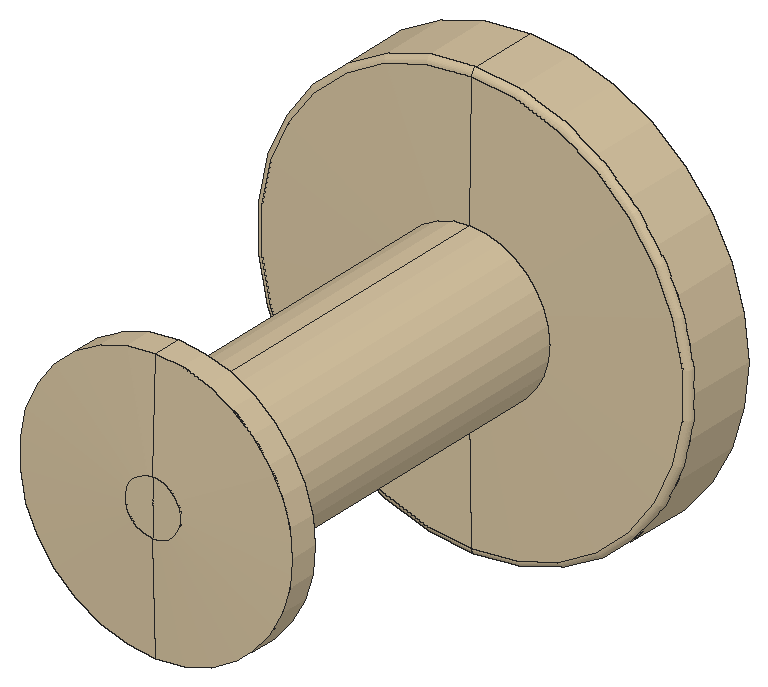
Revit family "Reece_Accessory_Roca_Ona_Robe Hook", category Plumbing Fixtures, host Face, Revit 2018
Family settings
  Host = Face
  Round Connector Dimension = Use Diameter
  Part Type = Normal
  Cut with Voids When Loaded = Yes
  Shared = Yes
  Room Calculation Point = Yes
Parameters (values of type "Brushed Brass")
  URL = "https://www.reece.com.au/product/-15051"
  Type Comments = "Accessory"
  Reece_Product_Web Page = "https://www.reece.com.au/product/-15051"
  Reece_Product_Type = "Accessory"  # constant formula
  Reece_Product_Sub Brand = "Ona"  # constant formula
  Reece_Product_Number = "15051"
  Reece_Product_Mount = "Wall Mounted"  # constant formula
  Reece_Product_Description = "Roca Ona Robe Hook Brushed Brass"
  Reece_Product_Brand = "Roca"  # constant formula
  Reece_Overall_Projection = 59.5 mm  # constant formula
  Reece_Overall_Diameter = 55.0 mm  # constant formula
  Reece_Material_Main = Reece_Brass_Brushed
  Reece_Height_From_Level [instance] = 1600.0 mm
  Reece_Fixing_Limit [instance] = if(Reece_Height_From_Level < 20.0 mm, 20.0 mm, if(Reece_Height_From_Level > 20.0 mm, Reece_Height_From_Level, Reece_Height_From_Level))  # 1600.0 mm
  Reece_Detail_Shape = ""
  Reece_Detail_Installation = ""
  Reece_Detail_Disclaimer = "THIS FILE IS THE PROPERTY OF THE REECE GROUP. IT MAY NOT BE REPRODUCED, REVERSE-ENGINEERED, OR MODIFIED. ANY REPUBLICATION, TRANSMISSION, OR DISTRIBUTION FOR THE PURPOSE OF COMMERCIALLY EXPLOITING THE FILES IS PROHIBITED."  # constant formula
  Reece_Detail_Additional = "Robe Hook"  # constant formula
  Model = "Ona"
  Manufacturer = "Roca"
  Keynote = "Product #15051, Reece_Accessory_Roca_Ona_Robe Hook - Brushed Brass"
  Disclaimer = "THIS FILE IS THE PROPERTY OF THE REECE GROUP. IT MAY NOT BE REPRODUCED, REVERSE-ENGINEERED, OR MODIFIED. ANY REPUBLICATION, TRANSMISSION, OR DISTRIBUTION FOR THE PURPOSE OF COMMERCIALLY EXPLOITING THE FILES IS PROHIBITED."  # constant formula
  Description = "Roca Ona Robe Hook Brushed Brass"
  Default Elevation = 0.0 mm
Types (6, lengths in mm): name | URL | Reece_Product_Web Page | Reece_Product_Number | Reece_Product_Description | Reece_Material_Main | Keynote | Description
  (no name) | "https://www.reece.com.au/product/-15047" | "https://www.reece.com.au/product/-15047" | "15047" | "Roca Ona Robe Hook Chrome" | Reece_Brass_Chrome | "Product #15047, Reece_Accessory_Roca_Ona_Robe Hook -  " | "Roca Ona Robe Hook Chrome"
  Matte Black | "https://www.reece.com.au/product/-15048" | "https://www.reece.com.au/product/-15048" | "15048" | "Roca Ona Robe Hook Matte Black" | Reece_Brass_Matte Black | "Product #15048, Reece_Accessory_Roca_Ona_Robe Hook - Matte Black" | "Roca Ona Robe Hook Matte Black"
  Brushed Nickel | "https://www.reece.com.au/product/-15050" | "https://www.reece.com.au/product/-15050" | "15050" | "Roca Ona Robe Hook Brushed Nickel" | Reece_Brass_Brushed Nickel | "Product #15050, Reece_Accessory_Roca_Ona_Robe Hook - Brushed Nickel" | "Roca Ona Robe Hook Brushed Nickel"
  Brushed Brass | "https://www.reece.com.au/product/-15051" | "https://www.reece.com.au/product/-15051" | "15051" | "Roca Ona Robe Hook Brushed Brass" | Reece_Brass_Brushed | "Product #15051, Reece_Accessory_Roca_Ona_Robe Hook - Brushed Brass" | "Roca Ona Robe Hook Brushed Brass"
  Chrome | "https://www.reece.com.au/product/-15047" | "https://www.reece.com.au/product/-15047" | "15047" | "Roca Ona Robe Hook Chrome" | Reece_Brass_Chrome | "Product #15047, Reece_Accessory_Roca_Ona_Robe Hook - Chrome" | "Roca Ona Robe Hook Chrome"
  Matte White | "https://www.reece.com.au/product/-15049" | "https://www.reece.com.au/product/-15049" | "15049" | "Roca Ona Robe Hook Matte White" | Reece_Brass_Brushed Matte White | "Product #15049, Reece_Accessory_Roca_Ona_Robe Hook - Matte White" | "Roca Ona Robe Hook Matte White"
Reference planes
  plane 1 "Center (Front/Back)": y = 0
  plane 2: z = -5
  plane 3 "Center (Left/Right)": x = 0
  plane 4 "Ref": z = 1600
  plane 5: x = -27.5
  plane 6: x = 27.5
  plane 7: y = -59.5
Forms (mm)
  Revolve 1, void
    sketch origin (0, -14.5, 0) x (0, 1, 0) y (0, 0, 1)
      loop
        line (-7.5, 1588.971) -> (-4.5, 1588.971) -> (-4.5, 1591.15)
        arc (-4.5, 1591.15) -> (-5.982, 1590.806) -> (-7.5, 1590.69) r 10.021
        line (-7.5, 1590.69) -> (-7.5, 1588.971)
      axis (-7.5, 1591.15) -> (-7.5, 1588.971)
    angle from 0 to 360
  Extrusion 2, void
    sketch origin (-0.5, -14.5, 1600) x (-1, 0, 0) y (0, -1, 0)
      loop
        line (-0.5, 8.924) -> (-1.733, 8.212) -> (-1.733, 6.788) -> (-0.5, 6.076) -> (0.733, 6.788) -> (0.733, 8.212) -> (-0.5, 8.924)
      loop
        line (-0.5, 23.924) -> (-1.733, 23.212) -> (-1.733, 21.788) -> (-0.5, 21.076) -> (0.733, 21.788) -> (0.733, 23.212) -> (-0.5, 23.924)
    from -13.157 to 0
  Revolve 3, solid, material "Reece_Brass_Brushed" <- "Reece_Material_Main"
    sketch origin (0, 0, 0) x (0, 1, 0) y (0, 0, 1)
      loop
        line (0, 1600) -> (0, 1627.5) -> (-8.414, 1627.5)
        arc (-8.414, 1627.5) -> (-8.974, 1627.271) -> (-9.213, 1626.714) r 0.8
        line (-9.213, 1626.714) -> (-9.5, 1610) -> (-54.206, 1610)
        arc (-54.206, 1610) -> (-54.767, 1610.23) -> (-55.006, 1610.788) r 0.8
        arc (-55.006, 1610.788) -> (-55.154, 1614.027) -> (-55.5, 1617.25) r 52.812
        line (-55.5, 1617.25) -> (-59, 1617.25)
        arc (-59, 1617.25) -> (-59.375, 1610.38) -> (-59.5, 1603.5) r 189.313
        line (-59.5, 1603.5) -> (-59.5, 1600) -> (0, 1600)
      axis (0, 1600) -> (-59.5, 1600)
    angle from 0 to 360
  Revolve 4, void
    sketch origin (0, -29.5, 0) x (0, 1, 0) y (0, 0, 1)
      loop
        line (-7.5, 1588.971) -> (-4.5, 1588.971) -> (-4.5, 1591.15)
        arc (-4.5, 1591.15) -> (-5.982, 1590.806) -> (-7.5, 1590.69) r 10.021
        line (-7.5, 1590.69) -> (-7.5, 1588.971)
      axis (-7.5, 1591.15) -> (-7.5, 1588.971)
    angle from 0 to 360
Cuts and joins
  Revolve 1, Extrusion 2, Revolve 4 cuts Revolve 3
Lines and regions (mm)
  model lines, style "InvisibleLines"
    curve 1: line (0, 0, -5) -> (0, 0, 1600)
Text (mm)
  text "Reece Copyright © 2018, Reece Ltd." at (-381.4, -97.774, 0), in view "Ref. Level"
  text "Reece ©" at (-450.67, 669.662, 1034.67), in view "Reece Preview"
Dimensions and locks
  "Reece_Fixing_Limit": plane 4 "Ref" to level
  plane 4 "Ref" to Revolve 1 sketch curve to Revolve 1 sketch curve to Revolve 1 sketch curve = 8.85 mm locked, 0.46 mm locked, 1.72 mm locked
  Revolve 4 sketch curve to Revolve 4 sketch curve to Revolve 4 sketch curve = 0.46 mm locked, 1.72 mm locked
  "Reece_Overall_Diameter": plane 5 to plane 6
  "Reece_Overall_Projection": plane 7 to plane 1 "Center (Front/Back)"
  aligned and locked: Revolve 3 sketch curve to plane 4 "Ref"
Automatic sketch dimensions
  curve 1 to plane 3 "Center (Left/Right)" = 0.0 mm
  curve 1 to plane 2 = 0.0 mm
  curve 1 to plane 4 "Ref" = 0.0 mm
  plane 1 "Center (Front/Back)" to Revolve 1 sketch curve = 22.0 mm
  Revolve 1 sketch curve to Revolve 1 sketch curve = 3.0 mm
  Revolve 1 sketch curve to Revolve 1 sketch curve = 0.0 mm
  Revolve 1 sketch curve to Revolve 1 sketch curve = 16.427 mm
  Revolve 1 sketch curve to Revolve 1 sketch curve = 21.832 mm
  Revolve 3 sketch curve to plane 4 "Ref" = 0.0 mm
  Revolve 3 sketch curve to plane 1 "Center (Front/Back)" = 0.0 mm
  plane 1 "Center (Front/Back)" to Revolve 3 sketch curve = 8.414 mm
  Revolve 3 sketch curve to Revolve 3 sketch curve = 0.8 mm  (x2)
  plane 1 "Center (Front/Back)" to Revolve 3 sketch curve = 9.5 mm
  plane 4 "Ref" to Revolve 3 sketch curve = 10.8 mm
  Revolve 3 sketch curve to Revolve 3 sketch curve = 44.706 mm
  Revolve 3 sketch curve to Revolve 3 sketch curve = 1.294 mm
  Revolve 3 sketch curve to Revolve 3 sketch curve = 3.5 mm
  Revolve 3 sketch curve to Revolve 3 sketch curve = 5.294 mm
  plane 4 "Ref" to Revolve 3 sketch curve = 10.0 mm
  Revolve 3 sketch curve to Revolve 3 sketch curve = 48.312 mm
  plane 4 "Ref" to Revolve 3 sketch curve = 3.5 mm
  Revolve 3 sketch curve to plane 1 "Center (Front/Back)" = 129.813 mm
  Revolve 3 sketch curve to Revolve 3 sketch curve = 16.7 mm
  Revolve 3 sketch curve to Revolve 3 sketch curve = 0.014 mm
  Revolve 3 sketch curve to Revolve 3 sketch curve = 3.182 mm
  Revolve 3 sketch curve to Revolve 3 sketch curve = 12.376 mm
  Revolve 4 sketch curve to plane 4 "Ref" = 11.029 mm
  plane 1 "Center (Front/Back)" to Revolve 4 sketch curve = 37.0 mm
  Revolve 4 sketch curve to Revolve 4 sketch curve = 3.0 mm
  Revolve 4 sketch curve to Revolve 4 sketch curve = 0.0 mm
  Revolve 4 sketch curve to Revolve 4 sketch curve = 16.427 mm
  Revolve 4 sketch curve to Revolve 4 sketch curve = 21.832 mm
  Extrusion 2 sketch curve to plane 3 "Center (Left/Right)" = 0.0 mm  (x4)
  plane 3 "Center (Left/Right)" to Extrusion 2 sketch curve = 1.233 mm  (x2)
  Extrusion 2 sketch curve to plane 3 "Center (Left/Right)" = 1.233 mm  (x2)
  plane 1 "Center (Front/Back)" to Extrusion 2 sketch curve = 20.576 mm
  Extrusion 2 sketch curve to Extrusion 2 sketch curve = 0.712 mm  (x6)
  Extrusion 2 sketch curve to Extrusion 2 sketch curve = 1.424 mm  (x4)
  Extrusion 2 sketch curve to Extrusion 2 sketch curve = 12.152 mm
